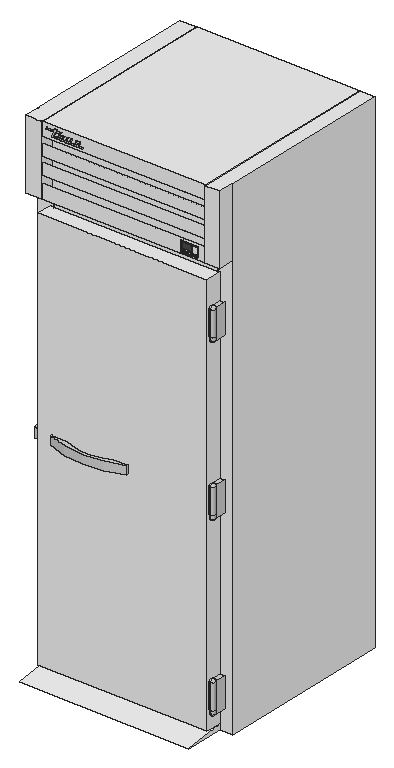
Revit family
Parameters
  Weight in Pounds = 0
  Watts = 2000 W
  Volts = 115 V
  URL Cutsheet = "www.truemfg.com"
  URL = "www.truemfg.com"
  Type Mark [instance] = ""
  Type Comments = ""
  Status [instance] = ""
  Specification by User [instance] = ""
  Specification by Manufacturer = ""
  Show Logo [instance] = yes
  Show Clearance [instance] = yes
  Serial Number = ""
  Seismic Rating = ""
  SMACNA No = ""
  Revision Code [instance] = ""
  Phase = 1
  Omniclass Number and Title = ""
  Number of Poles [instance] = 1
  NAFEM Spec ID Number = ""
  Model = "STA1HRI89-1S"
  Min Ckt Ampacity = 0 A
  Max Overcurrent Protection = 0 A
  Masterspec = ""
  Manufacturer = "TRUE FOOD SERVICE EQUIPMENT, INC."
  Length = 35"
  Item Number [instance] = ""
  Installed By [instance] = ""
  Identify Quantity as Lot [instance] = yes
  Height = 88 3/4"
  HP = ""
  Furnished By [instance] = ""
  Foodservice Equipment Identifier [instance] = yes
  FL Amps = Watts / Volts  # 17.3913 A
  Electrical Remarks [instance] = ""
  Electric Connection Type [instance] = ""
  Elec Conn RI Height [instance] = 0"
  Elec Conn Connection Height [instance] = 0"
  Description = "Reach-in Solid Swing Door Heated Cabinet"
  Depth = 34 3/4"
  Cycle = 60 Hz
  Conn Plug = "14-20P"
  Conn Conduit = yes
  CSI MasterFormat = ""
  CSI Master Format = ""
  Apparent Power = if(Phase = 3, Volts * FL Amps * 1.73, Volts * FL Amps)  # 2000 VA
Reference planes (in)
  plane 1 "BACK": y = 0
  plane 2: z = 0
  plane 3 "LEFT": x = 0
  plane 4 "RIGHT": x = 35
  plane 5 "FRONT": y = -34.75
  plane 6 "TOP": z = 88.75
  plane 7: x = 2.84375
  plane 8: y = -34.7042
  plane 9: x = 32.15625
  plane 10: z = 73.75
Forms (in)
  Extrusion 1, solid, material "QF_Finishes_Chrome - Satin"
    sketch origin (0.05, 0, 0) x (1, 0, 0) y (0, 1, 0)
      loop
        line (-0.05, 0) -> (-0.05, -32) -> (2.87859, -32) -> (2.87859, 0) -> (-0.05, 0)
    from 0 to 88.75
  Extrusion 2, solid, material "QF_Finishes_Chrome - Satin"
    sketch origin (50.15, 0, 0) x (1, 0, 0) y (0, 1, 0)
      loop
        line (-17.85, 0) -> (-17.85, -32) -> (-15.15, -32) -> (-15.15, 0) -> (-17.85, 0)
    from 0 to 88.75
  Extrusion 3, solid, material "QF_Finishes_Chrome - Satin"
    sketch origin (0, 0, 0) x (0, 1, 0) y (0, 0, 1)
      loop
        line (-34.7042, 76.28125) -> (-32, 76.28125) -> (-32, 0) -> (0, 0) -> (0, 88.75) -> (-34.7042, 88.75) -> (-34.7042, 86.40578) -> (-32.5, 84.83852) -> (-32.5, 83.71625) -> (-34.7042, 85.28351) -> (-34.7042, 83.1498) -> (-32.5, 81.58254) -> (-32.5, 80.62178) -> (-34.7042, 82.18904) -> (-34.7042, 80.09284) -> (-32.5, 78.52557) -> (-32.5, 77.25) -> (-34.7042, 78.81726) -> (-34.7042, 76.28125)
    from 2.92859 to 32.3
  Extrusion 4, solid, material "QF_Finishes_Chrome - Satin"
    sketch origin (0, 0, 0) x (1, 0, 0) y (0, 1, 0)
      loop
        line (34.84782, -32) -> (32.3, -32) -> (32.3, -34.75) -> (34.84782, -34.75) -> (34.84782, -32)
    from 76.28125 to 88.75
  Extrusion 5, solid, material "QF_Finishes_Chrome - Satin"
    sketch origin (-50.125, 0, 0.25) x (1, 0, 0) y (0, 1, 0)
      loop
        line (53.05359, -32) -> (50.24109, -32) -> (50.24109, -34.75) -> (53.05359, -34.75) -> (53.05359, -32)
    from 76.03125 to 88.5
  Extrusion 6, solid, material "QF_Finishes_Chrome - Satin"
    sketch origin (-24.96875, -1, -0.71875) x (1, 0, 0) y (0, 0, 1)
      loop
        line (27.25, 1.71875) -> (57.65625, 1.71875) -> (57.65625, 74.46875) -> (27.25, 74.46875) -> (27.25, 1.71875)
    from 31 to 33.75
  Extrusion 7, solid, material "QF_Finishes_Handrails and Railings"
    sketch origin (58.625, -0.25, 26.43519) x (1, 0, 0) y (0, 1, 0)
      loop
        line (-53.875, -34.5) -> (-53.875, -34.7)
        arc (-53.875, -34.7) -> (-47.075, -36.14405) -> (-40.275, -34.7) r 16.7325
        line (-40.275, -34.7) -> (-40.275, -34.5) -> (-42.675, -34.5)
        arc (-42.675, -34.5) -> (-47.075, -35.65816) -> (-51.475, -34.5) r 8.93715
        line (-51.475, -34.5) -> (-53.875, -34.5)
    from 10.87731 to 12.37731
  Extrusion 8, solid, material "QF_Finishes_Handrails and Railings"
    sketch origin (-23.375, 0, -2) x (1, 0, 0) y (0, 0, 1)
      loop
        circle (26.4375, 40.0625) r 0.35
      loop
        line (26.47265, 40.33635) -> (26.41715, 40.33635) -> (26.41715, 39.76895) -> (26.47265, 39.76895) -> (26.47265, 40.33635)
    from 33.5 to 33.83066
  Extrusion 9, solid, material "QF_Finishes_Handrails and Railings", visible <- "Show Logo"
    sketch origin (0.33478, 0.06376, 5.01857) x (1, 0, 0) y (0, 0, 1)
      loop
        line (3.46044, 83.08731) -> (3.35478, 82.86073) -> (4.76027, 82.86073)
        arc (4.76027, 82.86073) -> (4.78879, 82.81028) -> (4.76027, 82.75984) r 0.05887
        line (4.76027, 82.75984) -> (4.39369, 81.97372)
        arc (4.39369, 81.97372) -> (4.39051, 81.90091) -> (4.43975, 81.84717) r 0.09523
        line (4.43975, 81.84717) -> (5.33844, 81.84717)
        arc (5.33844, 81.84717) -> (5.45192, 81.88295) -> (5.52436, 81.97735) r 0.19785
        line (5.52436, 81.97735) -> (5.81285, 82.59601) -> (6.0779, 82.59601)
        arc (6.0779, 82.59601) -> (6.14744, 82.57043) -> (6.13737, 82.49703) r 0.05911
        line (6.13737, 82.49703) -> (5.89598, 81.97937)
        arc (5.89598, 81.97937) -> (5.89974, 81.8934) -> (5.97231, 81.84717) r 0.09318
        line (5.97231, 81.84717) -> (6.76198, 81.84717)
        arc (6.76198, 81.84717) -> (6.82249, 81.86919) -> (6.85468, 81.92495) r 0.09412
        arc (6.85468, 81.92495) -> (6.87746, 81.86995) -> (6.93246, 81.84717) r 0.07778
        line (6.93246, 81.84717) -> (7.43246, 81.84717)
        arc (7.43246, 81.84717) -> (7.49022, 81.86265) -> (7.53251, 81.90493) r 0.11552
        arc (7.53251, 81.90493) -> (7.55275, 81.85606) -> (7.60162, 81.83581) r 0.06912
        line (7.60162, 81.83581) -> (8.31225, 81.83581)
        arc (8.31225, 81.83581) -> (8.37034, 81.85988) -> (8.39441, 81.91797) r 0.08216
        arc (8.39441, 81.91797) -> (8.44767, 81.86472) -> (8.52042, 81.84522) r 0.14551
        line (8.52042, 81.84522) -> (9.85158, 81.84522) -> (9.99946, 82.10134) -> (8.65678, 82.10134)
        arc (8.65678, 82.10134) -> (8.61972, 82.12704) -> (8.61834, 82.17211) r 0.05009
        line (8.61834, 82.17211) -> (8.64157, 82.22192)
        arc (8.64157, 82.22192) -> (8.67723, 82.26864) -> (8.73327, 82.28635) r 0.09747
        line (8.73327, 82.28635) -> (9.16485, 82.28635)
        arc (9.16485, 82.28635) -> (9.258, 82.31131) -> (9.32619, 82.3795) r 0.1863
        line (9.32619, 82.3795) -> (9.45119, 82.59601)
        arc (9.45119, 82.59601) -> (9.45119, 82.71157) -> (9.35111, 82.76934) r 0.11556
        line (9.35111, 82.76934) -> (8.89562, 82.76934)
        arc (8.89562, 82.76934) -> (8.7795, 82.74962) -> (8.69849, 82.66412) r 0.18605
        line (8.69849, 82.66412) -> (8.48204, 82.19993)
        arc (8.48204, 82.19993) -> (8.41815, 82.11667) -> (8.31806, 82.08511) r 0.1745
        line (8.31806, 82.08511) -> (7.84559, 82.08511)
        arc (7.84559, 82.08511) -> (7.78903, 82.14684) -> (7.79268, 82.23048) r 0.10939
        line (7.79268, 82.23048) -> (8.04395, 82.76934) -> (7.88403, 82.76934) -> (7.61781, 82.19844)
        arc (7.61781, 82.19844) -> (7.56609, 82.13103) -> (7.48505, 82.10548) r 0.14128
        line (7.48505, 82.10548) -> (7.15925, 82.10548)
        arc (7.15925, 82.10548) -> (7.10419, 82.17723) -> (7.116, 82.26689) r 0.11816
        line (7.116, 82.26689) -> (7.3503, 82.76934) -> (7.18514, 82.76934) -> (6.91546, 82.191)
        arc (6.91546, 82.191) -> (6.85285, 82.12839) -> (6.76733, 82.10548) r 0.17104
        line (6.76733, 82.10548) -> (6.29555, 82.10548)
        arc (6.29555, 82.10548) -> (6.21082, 82.14499) -> (6.20267, 82.23813) r 0.0935
        line (6.20267, 82.23813) -> (6.35774, 82.57069) -> (6.57695, 82.57069)
        arc (6.57695, 82.57069) -> (6.61395, 82.68217) -> (6.69267, 82.76934) r 0.2857
        line (6.69267, 82.76934) -> (5.83605, 82.76934)
        arc (5.83605, 82.76934) -> (5.74086, 82.74824) -> (5.67498, 82.67635) r 0.16212
        line (5.67498, 82.67635) -> (5.44279, 82.17841)
        arc (5.44279, 82.17841) -> (5.3894, 82.12502) -> (5.31647, 82.10548) r 0.14586
        line (5.31647, 82.10548) -> (4.80506, 82.10548)
        arc (4.80506, 82.10548) -> (4.76514, 82.15942) -> (4.77274, 82.22609) r 0.09155
        line (4.77274, 82.22609) -> (5.11018, 82.86073) -> (5.96155, 82.86073) -> (6.06721, 83.08731) -> (5.21584, 83.08731) -> (5.32149, 83.31388) -> (5.01862, 83.31388) -> (4.91297, 83.08731) -> (3.46044, 83.08731)
      loop
        arc (8.83805, 82.56363) -> (8.80119, 82.55375) -> (8.7742, 82.52676) r 0.07373
        line (8.7742, 82.52676) -> (8.75229, 82.45936)
        arc (8.75229, 82.45936) -> (8.76245, 82.43483) -> (8.78699, 82.42466) r 0.0347
        line (8.78699, 82.42466) -> (9.15948, 82.42466)
        arc (9.15948, 82.42466) -> (9.18632, 82.43061) -> (9.20812, 82.44734) r 0.0635
        line (9.20812, 82.44734) -> (9.22624, 82.53122)
        arc (9.22624, 82.53122) -> (9.22091, 82.55368) -> (9.20009, 82.56363) r 0.02676
        line (9.20009, 82.56363) -> (8.83805, 82.56363)
    from 34.76797 to 34.83173
  Extrusion 10, solid, material "QF_Finishes_White"
    sketch origin (-22.74812, 0.0458, -7.98362) x (1, 0, 0) y (0, 0, 1)
      loop
        line (50.81732, 86.35727) -> (50.81732, 84.60996) -> (53.72357, 84.60996) -> (53.72357, 86.35727) -> (50.81732, 86.35727)
    from 34.75 to 34.76797
  Extrusion 11, solid, material "QF_Finishes_Black"
    sketch origin (-22.74812, 0.0458, -7.98362) x (1, 0, 0) y (0, 0, 1)
      loop
        line (53.78607, 86.41977) -> (50.75482, 86.41977) -> (50.75482, 84.54746) -> (53.78607, 84.54746) -> (53.78607, 86.41977)
      loop
        spline (50.95482, 84.87872) -> (50.96333, 84.86254) -> (50.98831, 84.84747) -> (51.02804, 84.83452) -> (51.07982, 84.82459) -> (51.14011, 84.81835) -> (51.20482, 84.81622) -> (51.26952, 84.81835) -> (51.32982, 84.82459) -> (51.38159, 84.83452) -> (51.42132, 84.84747) -> (51.4463, 84.86254) -> (51.45482, 84.87872)
        spline (51.45482, 84.87872) -> (51.4463, 84.89489) -> (51.42132, 84.90997) -> (51.38159, 84.92291) -> (51.32982, 84.93284) -> (51.26952, 84.93909) -> (51.20482, 84.94122) -> (51.14011, 84.93909) -> (51.07982, 84.93284) -> (51.02804, 84.92291) -> (50.98831, 84.90997) -> (50.96333, 84.89489) -> (50.95482, 84.87872)
      loop
        spline (51.65083, 84.87872) -> (51.65935, 84.86254) -> (51.68432, 84.84747) -> (51.72405, 84.83452) -> (51.77583, 84.82459) -> (51.83612, 84.81835) -> (51.90083, 84.81622) -> (51.96553, 84.81835) -> (52.02583, 84.82459) -> (52.07761, 84.83452) -> (52.11734, 84.84747) -> (52.14231, 84.86254) -> (52.15083, 84.87872)
        spline (52.15083, 84.87872) -> (52.14231, 84.89489) -> (52.11734, 84.90997) -> (52.07761, 84.92291) -> (52.02583, 84.93284) -> (51.96553, 84.93909) -> (51.90083, 84.94122) -> (51.83612, 84.93909) -> (51.77583, 84.93284) -> (51.72405, 84.92291) -> (51.68432, 84.90997) -> (51.65935, 84.89489) -> (51.65083, 84.87872)
      loop
        spline (52.40083, 84.87872) -> (52.40935, 84.86254) -> (52.43432, 84.84747) -> (52.47405, 84.83452) -> (52.52583, 84.82459) -> (52.58612, 84.81835) -> (52.65083, 84.81622) -> (52.71553, 84.81835) -> (52.77583, 84.82459) -> (52.82761, 84.83452) -> (52.86734, 84.84747) -> (52.89231, 84.86254) -> (52.90083, 84.87872)
        spline (52.90083, 84.87872) -> (52.89231, 84.89489) -> (52.86734, 84.90997) -> (52.82761, 84.92291) -> (52.77583, 84.93284) -> (52.71553, 84.93909) -> (52.65083, 84.94122) -> (52.58612, 84.93909) -> (52.52583, 84.93284) -> (52.47405, 84.92291) -> (52.43432, 84.90997) -> (52.40935, 84.89489) -> (52.40083, 84.87872)
      loop
        line (50.95481, 86.21978) -> (50.95481, 85.21978) -> (52.65433, 85.21978) -> (52.65433, 86.21978) -> (50.95481, 86.21978)
      loop
        line (53.72357, 86.35727) -> (50.81732, 86.35727) -> (50.81732, 84.60996) -> (53.72357, 84.60996) -> (53.72357, 86.35727)
      loop
        spline (53.15083, 84.87872) -> (53.15935, 84.86254) -> (53.18432, 84.84747) -> (53.22405, 84.83452) -> (53.27583, 84.82459) -> (53.33612, 84.81835) -> (53.40083, 84.81622) -> (53.46553, 84.81835) -> (53.52583, 84.82459) -> (53.57761, 84.83452) -> (53.61734, 84.84747) -> (53.64231, 84.86254) -> (53.65083, 84.87872)
        spline (53.65083, 84.87872) -> (53.64231, 84.89489) -> (53.61734, 84.90997) -> (53.57761, 84.92291) -> (53.52583, 84.93284) -> (53.46553, 84.93909) -> (53.40083, 84.94122) -> (53.33612, 84.93909) -> (53.27583, 84.93284) -> (53.22405, 84.92291) -> (53.18432, 84.90997) -> (53.15935, 84.89489) -> (53.15083, 84.87872)
    from 34.76797 to 34.80335
  Extrusion 12, solid
    sketch origin (-25.125, 0, 0) x (1, 0, 0) y (0, 0, 1)
      loop
        circle (56.875, 86.625) r 0.25
    from 0 to 0.0625
  Blend 13, solid, material "QF_Finishes_Handrails and Railings"
    base sketch origin (27.53125, -1, 0) x (-1, 0, 0) y (0, 0, -1)
      loop
        line (25.25, -38.99169) -> (26, -38.99169) -> (26, -37.24169) -> (25.25, -37.24169) -> (25.25, -38.99169)
    top sketch origin (27.53125, 0, 0) x (-1, 0, 0) y (0, 0, -1)
      loop
        line (26.18223, -36.6441) -> (25.25, -36.6441) -> (25.25, -39.42643) -> (26.18223, -39.42643) -> (26.18223, -36.6441)
    from 33.57883 to 32
  Extrusion 14, solid, material "QF_Finishes_Handrails and Railings"
    sketch origin (33.78125, 0, 0) x (0, 1, 0) y (0, 0, -1)
      loop
        line (-32, -69.17729) -> (-32, -63.86127) -> (-34.25, -63.86127) -> (-34.25, -64.57348) -> (-33.81497, -64.57348) -> (-33.81497, -68.97276)
        arc (-33.81497, -68.97276) -> (-33.75506, -69.11738) -> (-33.61044, -69.17729) r 0.20453
        line (-33.61044, -69.17729) -> (-32, -69.17729)
    from 0.17506 to 1
  Revolve 15, solid, material "QF_Finishes_Handrails and Railings"
    sketch origin (33.28125, 0, 0) x (0, 1, 0) y (0, 0, -1)
      loop
        line (-34.26563, -64.62689) -> (-34.67229, -64.62689) -> (-34.67229, -69.0986)
        arc (-34.67229, -69.0986) -> (-34.53722, -69.35057) -> (-34.26563, -69.43983) r 0.3848
        line (-34.26563, -69.43983) -> (-34.26563, -64.62689)
      loop
        line (-34.26563, -64.57348) -> (-34.26563, -63.67281)
        arc (-34.26563, -63.67281) -> (-34.53264, -63.75883) -> (-34.67229, -64.00212) r 0.38884
        line (-34.67229, -64.00212) -> (-34.67229, -64.57348) -> (-34.26563, -64.57348)
      axis (-34.26563, -63.67281) -> (-34.26563, -69.43983)
    angle from 0 to 360
  Extrusion 16, solid, material "QF_Finishes_Handrails and Railings"
    sketch origin (27.5, -1.07734, 0.0011) x (-1, 0, 0) y (0, 0, -1)
      loop
        line (-5.58509, -69.0986) -> (-5.1875, -69.0986) -> (-5.1875, -64.62579) -> (-5.58509, -64.62579) -> (-5.58509, -69.0986)
    from 32.81497 to 33.59495
  Extrusion 17, solid, material "QF_Finishes_Handrails and Railings"
    sketch origin (33.78125, 0, -24) x (0, 1, 0) y (0, 0, -1)
      loop
        line (-32, -64.55229) -> (-32, -59.23627) -> (-34.25, -59.23627) -> (-34.25, -59.94848) -> (-33.81497, -59.94848) -> (-33.81497, -64.34776)
        arc (-33.81497, -64.34776) -> (-33.75506, -64.49238) -> (-33.61044, -64.55229) r 0.20453
        line (-33.61044, -64.55229) -> (-32, -64.55229)
    from 0.17506 to 1
  Revolve 18, solid, material "QF_Finishes_Handrails and Railings"
    sketch origin (33.28125, 0, -24) x (0, 1, 0) y (0, 0, -1)
      loop
        line (-34.26563, -60.00189) -> (-34.67229, -60.00189) -> (-34.67229, -64.4736)
        arc (-34.67229, -64.4736) -> (-34.53722, -64.72557) -> (-34.26563, -64.81483) r 0.3848
        line (-34.26563, -64.81483) -> (-34.26563, -60.00189)
      loop
        line (-34.26563, -59.94848) -> (-34.26563, -59.04781)
        arc (-34.26563, -59.04781) -> (-34.53264, -59.13383) -> (-34.67229, -59.37712) r 0.38884
        line (-34.67229, -59.37712) -> (-34.67229, -59.94848) -> (-34.26563, -59.94848)
      axis (-34.26563, -59.04781) -> (-34.26563, -64.81483)
    angle from 0 to 360
  Extrusion 19, solid, material "QF_Finishes_Handrails and Railings"
    sketch origin (27.5, -1.07734, -23.9989) x (-1, 0, 0) y (0, 0, -1)
      loop
        line (-5.58509, -64.4736) -> (-5.1875, -64.4736) -> (-5.1875, -60.00079) -> (-5.58509, -60.00079) -> (-5.58509, -64.4736)
    from 32.81497 to 33.59495
  Extrusion 20, solid, material "QF_Finishes_Handrails and Railings"
    sketch origin (33.78125, 0, -55.5) x (0, 1, 0) y (0, 0, -1)
      loop
        line (-32, -64.55229) -> (-32, -59.23627) -> (-34.25, -59.23627) -> (-34.25, -59.94848) -> (-33.81497, -59.94848) -> (-33.81497, -64.34776)
        arc (-33.81497, -64.34776) -> (-33.75506, -64.49238) -> (-33.61044, -64.55229) r 0.20453
        line (-33.61044, -64.55229) -> (-32, -64.55229)
    from 0.17506 to 1
  Revolve 21, solid, material "QF_Finishes_Handrails and Railings"
    sketch origin (33.28125, 0, -55.5) x (0, 1, 0) y (0, 0, -1)
      loop
        line (-34.26563, -60.00189) -> (-34.67229, -60.00189) -> (-34.67229, -64.4736)
        arc (-34.67229, -64.4736) -> (-34.53722, -64.72557) -> (-34.26563, -64.81483) r 0.3848
        line (-34.26563, -64.81483) -> (-34.26563, -60.00189)
      loop
        line (-34.26563, -59.94848) -> (-34.26563, -59.04781)
        arc (-34.26563, -59.04781) -> (-34.53264, -59.13383) -> (-34.67229, -59.37712) r 0.38884
        line (-34.67229, -59.37712) -> (-34.67229, -59.94848) -> (-34.26563, -59.94848)
      axis (-34.26563, -59.04781) -> (-34.26563, -64.81483)
    angle from 0 to 360
  Extrusion 22, solid, material "QF_Finishes_Handrails and Railings"
    sketch origin (27.5, -1.07734, -55.4989) x (-1, 0, 0) y (0, 0, -1)
      loop
        line (-5.58509, -64.4736) -> (-5.1875, -64.4736) -> (-5.1875, -60.00079) -> (-5.58509, -60.00079) -> (-5.58509, -64.4736)
    from 32.81497 to 33.59495
  Extrusion 23, solid, material "QF_Finishes_Door Clearance", visible <- "Show Clearance", detail levels coarse
    sketch origin (26.42841, -3.6098, 0) x (1, 0, 0) y (0, 1, 0)
      loop
        line (6.32159, -31.1402) -> (-24.14716, -31.1402)
        arc (-24.14716, -31.1402) -> (-15.22307, -52.68486) -> (6.32159, -61.60895) r 30.46875
        line (6.32159, -61.60895) -> (6.32159, -31.1402)
    from 1 to 73.75
  Extrusion 24, solid, material "QF_Finishes_Chrome - Satin"
    sketch origin (32.6875, -1, 1) x (0, 0, 1) y (0, -1, 0)
      loop
        line (-1, 37.875) -> (-1, 31) -> (0, 31) -> (-1, 37.875)
    from 0 to -30.40625
Cuts and joins
  joined: Extrusion 1, Extrusion 2, Extrusion 4, Extrusion 5
Lines and regions (in)
  symbolic lines
    curve 1: line (0, 0, 0) -> (35, 0, 0)
    curve 2: line (0, -34.75, 0) -> (0, 0, 0)
    curve 3: line (35, -34.75, 0) -> (0, -34.75, 0)
    curve 4: line (35, 0, 0) -> (35, -34.75, 0)
    curve 5: line (35, -32.5, 0) -> (0, -32.5, 0)
    curve 6: arc (15.95746, -34.75, 0) -> (11.55746, -35.90816, 0) -> (7.15746, -34.75, 0) r 8.93715
    curve 7: arc (4.75746, -34.95, 0) -> (11.55746, -36.39405, 0) -> (18.35746, -34.95, 0) r 16.7325
    curve 8: line (4.75746, -34.75, 0) -> (4.75746, -34.95, 0)
    curve 9: line (18.35746, -34.95, 0) -> (18.35746, -34.75, 0)
  symbolic lines, style "QF-Door Swings", visible <- "Show Clearance", detail levels coarse
    curve 10: line (32.75, -34.75, 0) -> (32.75, -65.21875, 0)
    curve 11: arc (32.75, -65.21875, 0) -> (11.20534, -56.29466, 0) -> (2.28125, -34.75, 0) r 30.46875
Dimensions and locks (in)
  "Depth": plane 5 "FRONT" to plane 1 "BACK"
  "Height": plane 6 "TOP" to level
  Extrusion 6 sketch curve to Extrusion 6 sketch curve = 30 13/32"
  Extrusion 6 to plane 1 "BACK" = 34 3/4"
  "Length": plane 3 "LEFT" to plane 4 "RIGHT"
  plane 4 "RIGHT" to plane 3 "LEFT" = 35"
  plane 10 to level = 73 3/4"
  aligned and locked: level to plane 2
  aligned and locked: plane 6 "TOP" to cut or joined group of Extrusion 1, Extrusion 2, Extrusion 4, Extrusion 5
Automatic sketch dimensions
  Extrusion 1 sketch curve to plane 3 "LEFT" = 0"
  plane 1 "BACK" to Extrusion 1 sketch curve = 0"
  Extrusion 1 sketch curve to Extrusion 1 sketch curve = 2.92859"
  Extrusion 1 sketch curve to plane 5 "FRONT" = 2 3/4"
  plane 1 "BACK" to Extrusion 2 sketch curve = 0"
  Extrusion 2 sketch curve to plane 4 "RIGHT" = 0"
  Extrusion 2 sketch curve to plane 5 "FRONT" = 2 3/4"
  plane 5 "FRONT" to Extrusion 4 sketch curve = 0"
  Extrusion 4 sketch curve to plane 4 "RIGHT" = 0.15218"
  Extrusion 4 sketch curve to plane 5 "FRONT" = 2 3/4"
  plane 5 "FRONT" to Extrusion 5 sketch curve = 0"
  plane 3 "LEFT" to Extrusion 5 sketch curve = 0.11609"
  Extrusion 5 sketch curve to Extrusion 5 sketch curve = 2 13/16"
  Extrusion 5 sketch curve to plane 5 "FRONT" = 2 3/4"
  plane 5 "FRONT" to Extrusion 7 sketch curve = 0"  (x2)
  Extrusion 7 sketch curve to Extrusion 7 sketch curve = 2.4"  (x2)
  Extrusion 7 sketch curve to Extrusion 7 sketch curve = 4.4"
  Extrusion 7 sketch curve to Extrusion 7 sketch curve = 0"
  Extrusion 7 sketch curve to Extrusion 7 sketch curve = 0.2"
  Extrusion 7 sketch curve to plane 5 "FRONT" = 7.77899"
  Extrusion 7 sketch curve to Extrusion 7 sketch curve = 7.30945"
  Extrusion 8 sketch curve to Extrusion 8 sketch curve = 0.02035"
  Extrusion 8 sketch curve to Extrusion 8 sketch curve = 0.0555"
  Extrusion 8 sketch curve to Extrusion 8 sketch curve = 0.29355"
  Extrusion 8 sketch curve to Extrusion 8 sketch curve = 0.27385"
  plane 3 "LEFT" to Extrusion 9 sketch curve = 3.68957"
  Extrusion 9 sketch curve to Extrusion 9 sketch curve = 0.10565"  (x5)
  Extrusion 9 sketch curve to Extrusion 9 sketch curve = 1.03891"
  Extrusion 9 sketch curve to Extrusion 9 sketch curve = 0.04606"
  Extrusion 9 sketch curve to Extrusion 9 sketch curve = 0.04025"
  Extrusion 9 sketch curve to Extrusion 9 sketch curve = 0.33624"
  Extrusion 9 sketch curve to Extrusion 9 sketch curve = 0.03034"  (x2)
  Extrusion 9 sketch curve to Extrusion 9 sketch curve = 0.29274"
  Extrusion 9 sketch curve to Extrusion 9 sketch curve = 0.03232"
  Extrusion 9 sketch curve to Extrusion 9 sketch curve = 0.08083"
  Extrusion 9 sketch curve to Extrusion 9 sketch curve = 0.1527"
  Extrusion 9 sketch curve to Extrusion 9 sketch curve = 0.19721"
  Extrusion 9 sketch curve to Extrusion 9 sketch curve = 0.4629"
  Extrusion 9 sketch curve to Extrusion 9 sketch curve = 0.02197"
  Extrusion 9 sketch curve to Extrusion 9 sketch curve = 0.12632"
  Extrusion 9 sketch curve to Extrusion 9 sketch curve = 0.18591"
  Extrusion 9 sketch curve to Extrusion 9 sketch curve = 0.2322"
  Extrusion 9 sketch curve to Extrusion 9 sketch curve = 0.13786"
  Extrusion 9 sketch curve to Extrusion 9 sketch curve = 0.00907"
  Extrusion 9 sketch curve to Extrusion 9 sketch curve = 0.01413"
  Extrusion 9 sketch curve to Extrusion 9 sketch curve = 0.37162"
  Extrusion 9 sketch curve to Extrusion 9 sketch curve = 0.12551"
  Extrusion 9 sketch curve to Extrusion 9 sketch curve = 0.07633"
  Extrusion 9 sketch curve to Extrusion 9 sketch curve = 0.08445"
  Extrusion 9 sketch curve to Extrusion 9 sketch curve = 0.25598"
  Extrusion 9 sketch curve to Extrusion 9 sketch curve = 0.01887"
  Extrusion 9 sketch curve to Extrusion 9 sketch curve = 0.04061"
  Extrusion 9 sketch curve to Extrusion 9 sketch curve = 0.0653"
  Extrusion 9 sketch curve to Extrusion 9 sketch curve = 0.08474"
  Extrusion 9 sketch curve to Extrusion 9 sketch curve = 0.00815"
  Extrusion 9 sketch curve to Extrusion 9 sketch curve = 0.22037"
  Extrusion 9 sketch curve to Extrusion 9 sketch curve = 0.21921"
  Extrusion 9 sketch curve to Extrusion 9 sketch curve = 0.11572"
  Extrusion 9 sketch curve to Extrusion 9 sketch curve = 0.46643"
  Extrusion 9 sketch curve to Extrusion 9 sketch curve = 0.00535"
  Extrusion 9 sketch curve to Extrusion 9 sketch curve = 0.09269"
  Extrusion 9 sketch curve to Extrusion 9 sketch curve = 0.09348"
  Extrusion 9 sketch curve to Extrusion 9 sketch curve = 0.14812"
  Extrusion 9 sketch curve to Extrusion 9 sketch curve = 0.07778"  (x3)
  Extrusion 9 sketch curve to Extrusion 9 sketch curve = 0.20054"
  Extrusion 9 sketch curve to Extrusion 9 sketch curve = 0.04325"
  Extrusion 9 sketch curve to Extrusion 9 sketch curve = 0.32433"
  Extrusion 9 sketch curve to Extrusion 9 sketch curve = 0.10233"  (x2)
  Extrusion 9 sketch curve to Extrusion 9 sketch curve = 0.16515"
  Extrusion 9 sketch curve to Extrusion 9 sketch curve = 0.27321"
  Extrusion 9 sketch curve to Extrusion 9 sketch curve = 0.0526"
  Extrusion 9 sketch curve to Extrusion 9 sketch curve = 0.10005"
  Extrusion 9 sketch curve to Extrusion 9 sketch curve = 0.06912"
  Extrusion 9 sketch curve to Extrusion 9 sketch curve = 0.13276"
  Extrusion 9 sketch curve to Extrusion 9 sketch curve = 0.17486"
  Extrusion 9 sketch curve to Extrusion 9 sketch curve = 0.05291"
  Extrusion 9 sketch curve to Extrusion 9 sketch curve = 0.53374"
  Extrusion 9 sketch curve to Extrusion 9 sketch curve = 0.09914"  (x2)
  Extrusion 9 sketch curve to Extrusion 9 sketch curve = 0.15992"
  Extrusion 9 sketch curve to Extrusion 9 sketch curve = 0.46666"
  Extrusion 9 sketch curve to Extrusion 9 sketch curve = 0.00582"
  Extrusion 9 sketch curve to Extrusion 9 sketch curve = 0.08216"
  Extrusion 9 sketch curve to Extrusion 9 sketch curve = 0.16397"
  Extrusion 9 sketch curve to Extrusion 9 sketch curve = 0.12601"
  Extrusion 9 sketch curve to Extrusion 9 sketch curve = 0.1363"
  Extrusion 9 sketch curve to Extrusion 9 sketch curve = 0.02323"
  Extrusion 9 sketch curve to Extrusion 9 sketch curve = 0.03844"
  Extrusion 9 sketch curve to Extrusion 9 sketch curve = 0.0454"
  Extrusion 9 sketch curve to Extrusion 9 sketch curve = 0.05693"
  Extrusion 9 sketch curve to Extrusion 9 sketch curve = 0.0917"
  Extrusion 9 sketch curve to Extrusion 9 sketch curve = 0.01902"
  Extrusion 9 sketch curve to Extrusion 9 sketch curve = 0.02191"
  Extrusion 9 sketch curve to Extrusion 9 sketch curve = 0.0347"
  Extrusion 9 sketch curve to Extrusion 9 sketch curve = 0.06385"
  Extrusion 9 sketch curve to Extrusion 9 sketch curve = 0.02906"
  Extrusion 9 sketch curve to Extrusion 9 sketch curve = 0.02851"
  Extrusion 9 sketch curve to Extrusion 9 sketch curve = 0.29237"
  Extrusion 9 sketch curve to Extrusion 9 sketch curve = 0.00537"
  Extrusion 9 sketch curve to Extrusion 9 sketch curve = 0.0406"
  Extrusion 9 sketch curve to Extrusion 9 sketch curve = 0.04327"
  Extrusion 9 sketch curve to Extrusion 9 sketch curve = 0.02615"
  Extrusion 9 sketch curve to Extrusion 9 sketch curve = 0.11806"
  Extrusion 9 sketch curve to Extrusion 9 sketch curve = 0.15103"
  Extrusion 9 sketch curve to Extrusion 9 sketch curve = 0.10007"
  Extrusion 9 sketch curve to Extrusion 9 sketch curve = 0.5254"
  Extrusion 9 sketch curve to Extrusion 9 sketch curve = 0.14787"
  Extrusion 9 sketch curve to plane 6 "TOP" = 1.89562"
  Extrusion 9 sketch curve to Extrusion 9 sketch curve = 0.07275"
  Extrusion 9 sketch curve to Extrusion 9 sketch curve = 0.05776"
  Extrusion 9 sketch curve to Extrusion 9 sketch curve = 0.08631"
  Extrusion 9 sketch curve to Extrusion 9 sketch curve = 0.09282"
  Extrusion 9 sketch curve to Extrusion 9 sketch curve = 0.13018"
  Extrusion 9 sketch curve to Extrusion 9 sketch curve = 0.16714"
  Extrusion 9 sketch curve to Extrusion 9 sketch curve = 0.11061"
  Extrusion 9 sketch curve to Extrusion 9 sketch curve = 0.06046"
  Extrusion 9 sketch curve to Extrusion 9 sketch curve = 0.16548"
  Extrusion 9 sketch curve to Extrusion 9 sketch curve = 0.14279"
  Extrusion 9 sketch curve to Extrusion 9 sketch curve = 0.0496"
  Extrusion 9 sketch curve to Extrusion 9 sketch curve = 0.07293"
  Extrusion 9 sketch curve to Extrusion 9 sketch curve = 0.07764"
  Extrusion 9 sketch curve to Extrusion 9 sketch curve = 0.03794"
  Extrusion 9 sketch curve to Extrusion 9 sketch curve = 0.08552"
  Extrusion 9 sketch curve to Extrusion 9 sketch curve = 0.09296"
  Extrusion 9 sketch curve to Extrusion 9 sketch curve = 0.09314"
  Extrusion 9 sketch curve to Extrusion 9 sketch curve = 0.02781"
  Extrusion 9 sketch curve to Extrusion 9 sketch curve = 0.04981"
  Extrusion 9 sketch curve to Extrusion 9 sketch curve = 0.09315"
  Extrusion 9 sketch curve to Extrusion 9 sketch curve = 0.04799"
  Extrusion 9 sketch curve to Extrusion 9 sketch curve = 0.02531"
  Extrusion 9 sketch curve to Extrusion 9 sketch curve = 0.03054"
  Extrusion 9 sketch curve to Extrusion 9 sketch curve = 0.2589"
  Extrusion 9 sketch curve to Extrusion 9 sketch curve = 0.0674"
  Extrusion 9 sketch curve to Extrusion 9 sketch curve = 0.0324"
  Extrusion 9 sketch curve to Extrusion 9 sketch curve = 0.26185"
  Extrusion 9 sketch curve to Extrusion 9 sketch curve = 11/256"
  Extrusion 9 sketch curve to Extrusion 9 sketch curve = 0.07366"
  Extrusion 9 sketch curve to Extrusion 9 sketch curve = 0.02187"
  Extrusion 9 sketch curve to Extrusion 9 sketch curve = 0.06479"
  Extrusion 9 sketch curve to Extrusion 9 sketch curve = 0.01183"
  Extrusion 9 sketch curve to Extrusion 9 sketch curve = 0.05778"
  Extrusion 9 sketch curve to Extrusion 9 sketch curve = 0.53375"
  Extrusion 9 sketch curve to Extrusion 9 sketch curve = 0.23098"
  Extrusion 9 sketch curve to Extrusion 9 sketch curve = 0"
  Extrusion 9 sketch curve to Extrusion 9 sketch curve = 0.05045"
  Extrusion 9 sketch curve to Extrusion 9 sketch curve = 0.09139"
  Extrusion 9 sketch curve to Extrusion 9 sketch curve = 29/128"  (x3)
  Extrusion 12 sketch curve to plane 6 "TOP" = 2 1/8"
  Blend 13 sketch curve to Blend 13 sketch curve = 1 3/4"
  Blend 13 sketch curve to Blend 13 sketch curve = 2.78233"
  Extrusion 14 sketch curve to plane 5 "FRONT" = 1/2"
  Extrusion 14 sketch curve to Extrusion 14 sketch curve = 0.43503"
  Extrusion 14 sketch curve to Extrusion 14 sketch curve = 0.20453"
  Extrusion 14 sketch curve to Extrusion 14 sketch curve = 1.61044"
  Extrusion 14 sketch curve to plane 6 "TOP" = 19.57271"
  Extrusion 14 sketch curve to Extrusion 14 sketch curve = 4.39928"
  Extrusion 14 sketch curve to Extrusion 14 sketch curve = 0.71221"
  Revolve 15 sketch curve to plane 5 "FRONT" = 0.07771"  (x2)
  Revolve 15 sketch curve to Revolve 15 sketch curve = 0.38242"
  Revolve 15 sketch curve to Revolve 15 sketch curve = 0.38436"
  Revolve 15 sketch curve to plane 5 "FRONT" = 31/64"
  Revolve 15 sketch curve to Revolve 15 sketch curve = 0.40666"
  Revolve 15 sketch curve to Revolve 15 sketch curve = 0"
  Revolve 15 sketch curve to plane 6 "TOP" = 18.75492"
  Revolve 15 sketch curve to Revolve 15 sketch curve = 0.55526"
  Revolve 15 sketch curve to Revolve 15 sketch curve = 0.19474"
  Revolve 15 sketch curve to Revolve 15 sketch curve = 0.14649"
  Revolve 15 sketch curve to Revolve 15 sketch curve = 4.42889"
  Revolve 15 sketch curve to Revolve 15 sketch curve = 0.05342"
  Revolve 15 sketch curve to Revolve 15 sketch curve = 0.51246"
  Revolve 15 sketch curve to Revolve 15 sketch curve = 0.05889"
  Extrusion 16 sketch curve to Extrusion 16 sketch curve = 0.39759"
  Extrusion 16 sketch curve to plane 6 "TOP" = 19.6503"
  Extrusion 16 sketch curve to Extrusion 16 sketch curve = 4.47281"
  Extrusion 17 sketch curve to plane 5 "FRONT" = 1/2"
  Extrusion 17 sketch curve to Extrusion 17 sketch curve = 0.43503"
  Extrusion 17 sketch curve to Extrusion 17 sketch curve = 0.20453"
  Extrusion 17 sketch curve to Extrusion 17 sketch curve = 1.61044"
  Extrusion 17 sketch curve to Extrusion 17 sketch curve = 4.39928"
  Extrusion 17 sketch curve to Extrusion 17 sketch curve = 0.71221"
  Revolve 18 sketch curve to plane 5 "FRONT" = 0.07771"  (x2)
  Revolve 18 sketch curve to Revolve 18 sketch curve = 0.38242"
  Revolve 18 sketch curve to Revolve 18 sketch curve = 0.38436"
  Revolve 18 sketch curve to plane 5 "FRONT" = 31/64"
  Revolve 18 sketch curve to Revolve 18 sketch curve = 0.40666"
  Revolve 18 sketch curve to Revolve 18 sketch curve = 0"
  Revolve 18 sketch curve to Revolve 18 sketch curve = 0.55526"
  Revolve 18 sketch curve to Revolve 18 sketch curve = 0.19474"
  Revolve 18 sketch curve to Revolve 18 sketch curve = 0.14649"
  Revolve 18 sketch curve to Revolve 18 sketch curve = 4.42889"
  Revolve 18 sketch curve to Revolve 18 sketch curve = 0.05342"
  Revolve 18 sketch curve to Revolve 18 sketch curve = 0.51246"
  Revolve 18 sketch curve to Revolve 18 sketch curve = 0.05889"
  Extrusion 19 sketch curve to Extrusion 19 sketch curve = 0.39759"
  Extrusion 19 sketch curve to Extrusion 19 sketch curve = 4.47281"
  Extrusion 20 sketch curve to plane 5 "FRONT" = 1/2"
  Extrusion 20 sketch curve to Extrusion 20 sketch curve = 0.43503"
  Extrusion 20 sketch curve to Extrusion 20 sketch curve = 0.20453"
  Extrusion 20 sketch curve to Extrusion 20 sketch curve = 1.61044"
  Extrusion 20 sketch curve to Extrusion 20 sketch curve = 0.71221"
  Revolve 21 sketch curve to plane 5 "FRONT" = 0.07771"  (x2)
  Revolve 21 sketch curve to Revolve 21 sketch curve = 0.38242"
  Revolve 21 sketch curve to Revolve 21 sketch curve = 0.38436"
  Revolve 21 sketch curve to plane 5 "FRONT" = 31/64"
  Revolve 21 sketch curve to Revolve 21 sketch curve = 0.40666"
  Revolve 21 sketch curve to Revolve 21 sketch curve = 0"
  Revolve 21 sketch curve to Revolve 21 sketch curve = 0.55526"
  Revolve 21 sketch curve to Revolve 21 sketch curve = 0.19474"
  Revolve 21 sketch curve to Revolve 21 sketch curve = 0.14649"
  Revolve 21 sketch curve to Revolve 21 sketch curve = 0.05342"
  Revolve 21 sketch curve to Revolve 21 sketch curve = 0.51246"
  Revolve 21 sketch curve to Revolve 21 sketch curve = 0.05889"
  Extrusion 22 sketch curve to Extrusion 22 sketch curve = 0.39759"
  Extrusion 3 sketch curve to plane 8 = 0"  (x4)
  Extrusion 3 sketch curve to plane 6 "TOP" = 0"
  plane 8 to Extrusion 3 sketch curve = 2.2042"  (x2)
  Extrusion 3 sketch curve to Extrusion 3 sketch curve = 0"
  Extrusion 3 sketch curve to Extrusion 3 sketch curve = 1/2"
  plane 1 "BACK" to Extrusion 3 sketch curve = 0"
  Extrusion 3 sketch curve to plane 6 "TOP" = 2.34422"
  Extrusion 3 sketch curve to Extrusion 3 sketch curve = 1.12227"  (x2)
  Extrusion 3 sketch curve to Extrusion 3 sketch curve = 0.445"
  Extrusion 3 sketch curve to Extrusion 3 sketch curve = 2.13371"  (x2)
  Extrusion 3 sketch curve to Extrusion 3 sketch curve = 0.96076"  (x2)
  Extrusion 3 sketch curve to Extrusion 3 sketch curve = 2.0962"  (x2)
  Extrusion 3 sketch curve to Extrusion 3 sketch curve = 1.27557"  (x2)
  Extrusion 3 sketch curve to Extrusion 3 sketch curve = 31/32"
  Blend 13 sketch curve to Blend 13 sketch curve = 3/4"
  Blend 13 sketch curve to Blend 13 sketch curve = 0.93223"
  Extrusion 2 sketch curve to plane 4 "RIGHT" = 2.7"
  Extrusion 4 sketch curve to Extrusion 4 sketch curve = 2.54782"
  plane 7 to Extrusion 7 sketch curve = 1 29/32"
  plane 7 to Extrusion 8 sketch curve = 0.1984"
  Extrusion 12 sketch curve to plane 4 "RIGHT" = 3 1/4"
  Blend 13 sketch curve to plane 7 = 9/16"
  plane 7 to Blend 13 sketch curve = 9/16"
  Extrusion 16 sketch curve to plane 4 "RIGHT" = 1.91491"
  Extrusion 19 sketch curve to plane 4 "RIGHT" = 1.91491"
  Extrusion 22 sketch curve to plane 4 "RIGHT" = 1.91491"
  Extrusion 11 sketch curve to Extrusion 11 sketch curve = 1/4"  (x4)
  Extrusion 11 sketch curve to Extrusion 11 sketch curve = 0.4965"
  Extrusion 11 sketch curve to Extrusion 11 sketch curve = 0.0035"
  Extrusion 11 sketch curve to Extrusion 11 sketch curve = 1/2"
  Extrusion 11 sketch curve to Extrusion 11 sketch curve = 0.44601"
  Extrusion 11 sketch curve to Extrusion 11 sketch curve = 0"  (x3)
  Extrusion 11 sketch curve to Extrusion 11 sketch curve = 0.1375"  (x2)
  Extrusion 11 sketch curve to Extrusion 11 sketch curve = 1/16"  (x4)
  Extrusion 11 sketch curve to plane 6 "TOP" = 12.18616"
  Extrusion 11 sketch curve to Extrusion 11 sketch curve = 0.26876"  (x2)
  Extrusion 11 sketch curve to Extrusion 11 sketch curve = 0.34106"
  Extrusion 11 sketch curve to plane 6 "TOP" = 10.51384"
  Extrusion 10 sketch curve to plane 6 "TOP" = 10.37634"
  Extrusion 10 sketch curve to Extrusion 10 sketch curve = 1.74732"
  Extrusion 10 sketch curve to plane 4 "RIGHT" = 6.9308"
  Extrusion 10 sketch curve to Extrusion 10 sketch curve = 2 29/32"
  Extrusion 11 sketch curve to plane 4 "RIGHT" = 6.9933"
  Extrusion 11 sketch curve to Extrusion 11 sketch curve = 1.06923"
  Extrusion 6 sketch curve to plane 7 = 9/16"
  Extrusion 6 sketch curve to plane 6 "TOP" = 15"
  plane 5 "FRONT" to Extrusion 23 sketch curve = 0"
  Extrusion 23 sketch curve to plane 7 = 9/16"
  Extrusion 23 sketch curve to plane 4 "RIGHT" = 2 1/4"
  plane 1 "BACK" to curve 1 = 0"
  curve 1 to plane 3 "LEFT" = 0"
  plane 5 "FRONT" to curve 11 = 0"
  curve 3 to plane 4 "RIGHT" = 0"
  curve 11 to plane 7 = 9/16"
  plane 7 to curve 8 = 1.91371"
  curve 8 to curve 6 = 2.4"
  curve 7 to curve 6 = 0"
  curve 6 to curve 9 = 2.4"
  curve 11 to plane 4 "RIGHT" = 2 1/4"
  curve 9 to curve 9 = 0.2"
  curve 5 to plane 5 "FRONT" = 2 1/4"
  curve 6 to curve 7 = 7.30945"
  level to Extrusion 3 sketch curve = 0"
  level to Extrusion 6 sketch curve = 1"
  level to Extrusion 8 sketch curve = 37.76895"
  level to Blend 13 sketch curve = 38.99169"
  Blend 13 sketch curve to level = 36.6441"
  level to Extrusion 17 sketch curve = 40.55229"
  level to Revolve 18 sketch curve = 41.37008"
  level to Extrusion 19 sketch curve = 40.4747"
  level to Extrusion 20 sketch curve = 9.05229"
  Extrusion 20 sketch curve to Extrusion 20 sketch curve = 4.39928"
  level to Revolve 21 sketch curve = 9.87008"
  Revolve 21 sketch curve to Revolve 21 sketch curve = 4.42889"
  level to Extrusion 22 sketch curve = 8.9747"
  Extrusion 22 sketch curve to Extrusion 22 sketch curve = 4.47281"
  Extrusion 24 sketch curve to Extrusion 6 = 0"
  Extrusion 6 to Extrusion 24 sketch curve = 0"
  Extrusion 24 sketch curve to Extrusion 24 sketch curve = 1"
  Extrusion 24 sketch curve to Extrusion 6 = 4 1/8"
  plane 7 to curve 7 = 8.71371"
  curve 6 to plane 5 "FRONT" = 7.77899"
  radius of Extrusion 8 sketch curve = 0.35"
  radius of Extrusion 12 sketch curve = 1/4"
Connectors (in)
  electrical at (31.75, -0.0625, 86.625), driven by "Volts", driven by "Watts"
    settings: on Extrusion 12, index 1, voltage 115 V, apparent load 2000 VA, apparent load phase1 0 VA, apparent load phase2 0 VA, apparent load phase3 0 VA, power factor 1, load classification "Other", number of poles 1, system type 30, power factor state 1, is connector primary yes, connector utility no, sub classification motor no, connector description "Electrical Connection"
